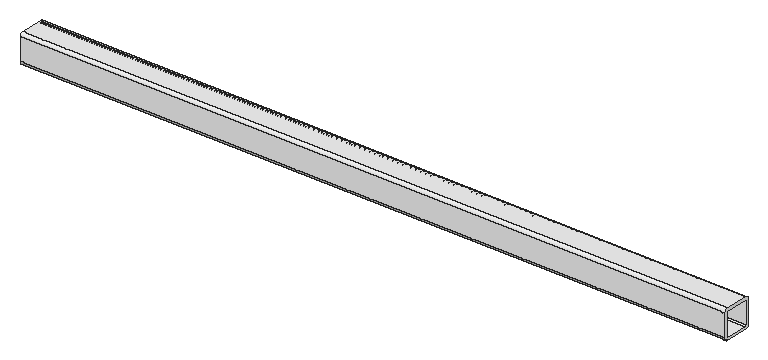
Revit family "CQV - Cortes quadrados vazados", category Quadro estrutural, Revit 2019
Family settings
  Arredondamento do comprimento do framing estrutural = 1 mm
  Forma do corte = Não definido
  Material para o comportamento do modelo = Aço
  Exportar sempre como geometria = Não
  Sempre na vertical = Sim
  Corte com vazios quando carregada = Não
  Representação simbólica = Das configurações de projeto
  Compartilhado = Não
  Exibir o pré-corte da família na vista da planta = Sim
Parameters (values of type "SHS 50x50x4")
  ro = 6 mm
  t = 4 mm
  ri = 2 mm
  W = 0.0054
  Structural Material [instance] = Metal - Aço - 250 MPa
  d = 50 mm
  b = 50 mm
  Assembly Code = ""
  Length [instance] = 1500 mm
  A = 0.000688 m²
Reference planes
  plane 1 "Centro (Frente/Trás)": y = 0
  plane 2: z = 0
  plane 3 "Centro (Esquerda/Direita)": x = 4.61
  plane 4 "Membro esquerdo": x = -604.99
  plane 5 "Membro direito": x = 614.21
  plane 6 "Direita": x = 766.61
  plane 7 "Esquerda": x = -733.39
  plane 8: y = 25
  plane 9: y = -25
  plane 10: z = -25
  plane 11: z = 25
Forms (mm)
  Sweep 1, solid, material "Metal - Aço - 250 MPa" <- "Structural Material", detail levels medium
    path origin (0, 0, 0) x (1, 0, 0) y (0, 1, 0)
      loop
        line (-604.99, 0) -> (614.21, 0)
    profile "CQV - Cortes quadrados vazados - Perfil - Médio : CQV - Cortes quadrados vazados - Perfil - Médio" origin (4.61, 0, 0) x (0, 1, 0) y (0, 0, 1)
      loop
        line (-21, 21) -> (-21, -21) -> (21, -21) -> (21, 21) -> (-21, 21)
      loop
        line (-25, 25) -> (-25, -25) -> (25, -25) -> (25, 25) -> (-25, 25)
  Sweep 2, solid, material "Metal - Aço - 250 MPa" <- "Structural Material", detail levels fine
    path origin (0, 0, 0) x (1, 0, 0) y (0, 1, 0)
      loop
        line (-604.99, 0) -> (614.21, 0)
    profile "CQV - Cortes quadrados vazados - Perfil - Alto : CQV - Cortes quadrados vazados - Perfil - Alto" origin (4.61, 0, 0) x (0, 1, 0) y (0, 0, 1)
      loop
        arc (-19, 21) -> (-20.414, 20.414) -> (-21, 19) r 2
        line (-21, 19) -> (-21, -19)
        arc (-21, -19) -> (-20.414, -20.414) -> (-19, -21) r 2
        line (-19, -21) -> (19, -21)
        arc (19, -21) -> (20.414, -20.414) -> (21, -19) r 2
        line (21, -19) -> (21, 19)
        arc (21, 19) -> (20.414, 20.414) -> (19, 21) r 2
        line (19, 21) -> (-19, 21)
      loop
        arc (-19, 25) -> (-23.243, 23.243) -> (-25, 19) r 6
        line (-25, 19) -> (-25, -19)
        arc (-25, -19) -> (-23.243, -23.243) -> (-19, -25) r 6
        line (-19, -25) -> (19, -25)
        arc (19, -25) -> (23.243, -23.243) -> (25, -19) r 6
        line (25, -19) -> (25, 19)
        arc (25, 19) -> (23.243, 23.243) -> (19, 25) r 6
        line (19, 25) -> (-19, 25)
Lines and regions (mm)
  symbolic lines, style "Símbolos de vara", detail levels coarse
    curve 1: line (-733.39, -25, 25) -> (-733.39, 25, 25)
    curve 2: line (-733.39, 25, 25) -> (-733.39, 25, -25)
    curve 3: line (-733.39, -25, -25) -> (-733.39, -25, 25)
    curve 4: line (-733.39, 25, -25) -> (-733.39, -25, -25)
  symbolic lines, style "Faces ocultas", detail levels medium+fine
    curve 5: line (-604.99, 21, 0) -> (614.21, 21, 0)
    curve 6: line (-604.99, -21, 0) -> (614.21, -21, 0)
    curve 7: line (-604.99, 0, 21) -> (614.21, 0, 21)
    curve 8: line (614.21, 0, -21) -> (-604.99, 0, -21)
Dimensions and locks
  "Length": plane 7 "Esquerda" to plane 6 "Direita"
  equal spacing: plane 8, plane 1 "Centro (Frente/Trás)", plane 9
  "b": plane 8 to plane 9
  equal spacing: plane 11, plane 2, plane 10
  "d": plane 10 to plane 11
  aligned and locked: plane 1 "Centro (Frente/Trás)" to Sweep 1 sketch curve
  aligned and locked: plane 1 "Centro (Frente/Trás)" to Sweep 2 sketch curve
  aligned and locked: curve 1 to Sweep 1
  aligned and locked: curve 2 to Sweep 1
  aligned and locked: curve 3 to Sweep 1
  aligned and locked: curve 4 to Sweep 1
  aligned and locked: curve 5 to Sweep 1
  aligned and locked: curve 6 to Sweep 1
  aligned and locked: curve 7 to Sweep 1
  aligned and locked: curve 8 to Sweep 1
  aligned and locked: plane 4 "Membro esquerdo" to Sweep 1 sketch curve
  aligned and locked: plane 5 "Membro direito" to Sweep 1 sketch curve
  aligned and locked: plane 4 "Membro esquerdo" to Sweep 2 sketch curve
  aligned and locked: plane 5 "Membro direito" to Sweep 2 sketch curve
  aligned and locked: plane 4 "Membro esquerdo" to curve 5
  aligned and locked: plane 5 "Membro direito" to curve 5
  aligned and locked: plane 4 "Membro esquerdo" to curve 6
  aligned and locked: plane 5 "Membro direito" to curve 6
  aligned and locked: plane 4 "Membro esquerdo" to curve 7
  aligned and locked: plane 5 "Membro direito" to curve 7
  aligned and locked: plane 4 "Membro esquerdo" to curve 8
  aligned and locked: plane 5 "Membro direito" to curve 8
Types in the file's own list only (105): name | ro | t | ri | W | d | b | A
  SHS 50x50x4.8 | 7 mm | 5 mm | 2 mm | 0.0065 | 50 mm | 50 mm | 0.00 m²
  SHS 50x50x5.5 | 8 mm | 6 mm | 3 mm | 0.0075 | 50 mm | 50 mm | 0.00 m²
  SHS 50x50x6.4 | 10 mm | 6 mm | 3 mm | 0.0084 | 50 mm | 50 mm | 0.00 m²
  SHS 60x60x4.8 | 7 mm | 5 mm | 2 mm | 0.008 | 60 mm | 60 mm | 0.00 m²
  SHS 60x60x5.5 | 8 mm | 6 mm | 3 mm | 0.0091 | 60 mm | 60 mm | 0.00 m²
  SHS 60x60x6.4 | 10 mm | 6 mm | 3 mm | 0.0104 | 60 mm | 60 mm | 0.00 m²
  SHS 60x60x7.1 | 11 mm | 7 mm | 4 mm | 0.0114 | 60 mm | 60 mm | 0.00 m²
  SHS 75x75x4.8 | 7 mm | 5 mm | 2 mm | 0.0099 | 75 mm | 75 mm | 0.00 m²
  SHS 75x75x5.5 | 8 mm | 6 mm | 3 mm | 0.0113 | 75 mm | 75 mm | 0.00 m²
  SHS 75x75x6.4 | 10 mm | 6 mm | 3 mm | 0.0129 | 75 mm | 75 mm | 0.00 m²
  SHS 75x75x7.9 | 12 mm | 8 mm | 4 mm | 0.0152 | 75 mm | 75 mm | 0.00 m²
  SHS 85x85x4.8 | 7 mm | 5 mm | 2 mm | 0.0114 | 85 mm | 85 mm | 0.00 m²
  SHS 85x85x5.5 | 8 mm | 6 mm | 3 mm | 0.0136 | 85 mm | 85 mm | 0.00 m²
  SHS 85x85x6.4 | 10 mm | 6 mm | 3 mm | 0.0149 | 85 mm | 85 mm | 0.00 m²
  SHS 85x85x7.1 | 11 mm | 7 mm | 4 mm | 0.0166 | 85 mm | 85 mm | 0.00 m²
  SHS 85x85x8.4 | 13 mm | 8 mm | 4 mm | 0.0186 | 85 mm | 85 mm | 0.00 m²
  SHS 100x100x4.8 | 7 mm | 5 mm | 2 mm | 0.0129 | 100 mm | 100 mm | 0.00 m²
  SHS 100x100x5.5 | 8 mm | 6 mm | 3 mm | 0.0149 | 100 mm | 100 mm | 0.00 m²
  SHS 100x100x6.4 | 10 mm | 6 mm | 3 mm | 0.0169 | 100 mm | 100 mm | 0.00 m²
  SHS 100x100x7.1 | 11 mm | 7 mm | 4 mm | 0.0189 | 100 mm | 100 mm | 0.00 m²
  SHS 100x100x8.4 | 13 mm | 8 mm | 4 mm | 0.0223 | 100 mm | 100 mm | 0.00 m²
  SHS 110x110x4.8 | 7 mm | 5 mm | 2 mm | 0.0144 | 110 mm | 110 mm | 0.00 m²
  SHS 110x110x5.5 | 8 mm | 6 mm | 3 mm | 0.0167 | 110 mm | 110 mm | 0.00 m²
  SHS 110x110x6.4 | 10 mm | 6 mm | 3 mm | 0.0189 | 110 mm | 110 mm | 0.00 m²
  SHS 110x110x7.1 | 11 mm | 7 mm | 4 mm | 0.0211 | 110 mm | 110 mm | 0.00 m²
  SHS 110x110x8.4 | 13 mm | 8 mm | 4 mm | 0.025 | 110 mm | 110 mm | 0.00 m²
  SHS 120x120x4.8 | 7 mm | 5 mm | 2 mm | 0.0161 | 120 mm | 120 mm | 0.00 m²
  SHS 120x120x5.5 | 8 mm | 6 mm | 3 mm | 0.0186 | 120 mm | 120 mm | 0.00 m²
  SHS 120x120x6.4 | 10 mm | 6 mm | 3 mm | 0.0218 | 120 mm | 120 mm | 0.00 m²
  SHS 120x120x7.9 | 12 mm | 8 mm | 4 mm | 0.0261 | 120 mm | 120 mm | 0.00 m²
  SHS 120x120x9.5 | 14 mm | 10 mm | 5 mm | 0.031 | 120 mm | 120 mm | 0.00 m²
  SHS 130x130x4.8 | 7 mm | 5 mm | 2 mm | 0.0178 | 130 mm | 130 mm | 0.00 m²
  SHS 130x130x5.5 | 8 mm | 6 mm | 3 mm | 0.0206 | 130 mm | 130 mm | 0.00 m²
  SHS 130x130x6.4 | 10 mm | 6 mm | 3 mm | 0.0241 | 130 mm | 130 mm | 0.00 m²
  SHS 130x130x7.9 | 12 mm | 8 mm | 4 mm | 0.0289 | 130 mm | 130 mm | 0.00 m²
  SHS 130x130x9.5 | 14 mm | 10 mm | 5 mm | 0.0344 | 130 mm | 130 mm | 0.00 m²
  SHS 140x140x4.8 | 7 mm | 5 mm | 2 mm | 0.0194 | 140 mm | 140 mm | 0.00 m²
  SHS 140x140x6.4 | 10 mm | 6 mm | 3 mm | 0.0254 | 140 mm | 140 mm | 0.00 m²
  SHS 140x140x7.1 | 11 mm | 7 mm | 4 mm | 0.0283 | 140 mm | 140 mm | 0.00 m²
  SHS 140x140x9.5 | 14 mm | 10 mm | 5 mm | 0.0373 | 140 mm | 140 mm | 0.00 m²
  SHS 140x140x11.1 | 17 mm | 11 mm | 6 mm | 0.0426 | 140 mm | 140 mm | 0.01 m²
  SHS 150x150x4.8 | 7 mm | 5 mm | 2 mm | 0.0205 | 150 mm | 150 mm | 0.00 m²
  SHS 150x150x6.4 | 10 mm | 6 mm | 3 mm | 0.0268 | 150 mm | 150 mm | 0.00 m²
  SHS 150x150x7.1 | 11 mm | 7 mm | 4 mm | 0.0299 | 150 mm | 150 mm | 0.00 m²
  SHS 150x150x9.5 | 14 mm | 10 mm | 5 mm | 0.0395 | 150 mm | 150 mm | 0.01 m²
  SHS 150x150x11.1 | 17 mm | 11 mm | 6 mm | 0.0451 | 150 mm | 150 mm | 0.01 m²
  SHS 160x160x6.4 | 10 mm | 6 mm | 3 mm | 0.0296 | 160 mm | 160 mm | 0.00 m²
  SHS 160x160x7.1 | 11 mm | 7 mm | 4 mm | 0.0326 | 160 mm | 160 mm | 0.00 m²
  SHS 160x160x8.4 | 13 mm | 8 mm | 4 mm | 0.0375 | 160 mm | 160 mm | 0.00 m²
  SHS 160x160x9.5 | 14 mm | 10 mm | 5 mm | 0.0435 | 160 mm | 160 mm | 0.01 m²
  SHS 160x160x12.7 | 19 mm | 13 mm | 6 mm | 0.0567 | 160 mm | 160 mm | 0.01 m²
  SHS 180x180x6.4 | 10 mm | 6 mm | 3 mm | 0.0336 | 180 mm | 180 mm | 0.00 m²
  SHS 180x180x7.1 | 11 mm | 7 mm | 4 mm | 0.0371 | 180 mm | 180 mm | 0.00 m²
  SHS 180x180x8.4 | 13 mm | 8 mm | 4 mm | 0.0426 | 180 mm | 180 mm | 0.01 m²
  SHS 180x180x9.5 | 14 mm | 10 mm | 5 mm | 0.0495 | 180 mm | 180 mm | 0.01 m²
  SHS 180x180x12.7 | 19 mm | 13 mm | 6 mm | 0.0646 | 180 mm | 180 mm | 0.01 m²
  SHS 200x200x6.4 | 10 mm | 6 mm | 3 mm | 0.0376 | 200 mm | 200 mm | 0.00 m²
  SHS 200x200x7.1 | 11 mm | 7 mm | 4 mm | 0.0415 | 200 mm | 200 mm | 0.01 m²
  SHS 200x200x8.4 | 13 mm | 8 mm | 4 mm | 0.0478 | 200 mm | 200 mm | 0.01 m²
  SHS 200x200x9.5 | 14 mm | 10 mm | 5 mm | 0.0554 | 200 mm | 200 mm | 0.01 m²
  SHS 200x200x12.7 | 19 mm | 13 mm | 6 mm | 0.0726 | 200 mm | 200 mm | 0.01 m²
  SHS 225x225x6.4 | 10 mm | 6 mm | 3 mm | 0.0421 | 225 mm | 225 mm | 0.01 m²
  SHS 225x225x7.9 | 12 mm | 8 mm | 4 mm | 0.051 | 225 mm | 225 mm | 0.01 m²
  SHS 225x225x8.4 | 13 mm | 8 mm | 4 mm | 0.0567 | 225 mm | 225 mm | 0.01 m²
  SHS 225x225x9.5 | 14 mm | 10 mm | 5 mm | 0.0605 | 225 mm | 225 mm | 0.01 m²
  SHS 225x225x12.7 | 19 mm | 13 mm | 6 mm | 0.0815 | 225 mm | 225 mm | 0.01 m²
  SHS 245x245x6.4 | 10 mm | 6 mm | 3 mm | 0.0461 | 245 mm | 245 mm | 0.01 m²
  SHS 245x245x7.9 | 12 mm | 8 mm | 4 mm | 0.0559 | 245 mm | 245 mm | 0.01 m²
  SHS 245x245x8.4 | 13 mm | 8 mm | 4 mm | 0.0622 | 245 mm | 245 mm | 0.01 m²
  SHS 245x245x9.5 | 14 mm | 10 mm | 5 mm | 0.0663 | 245 mm | 245 mm | 0.01 m²
  SHS 245x245x12.7 | 19 mm | 13 mm | 6 mm | 0.0895 | 245 mm | 245 mm | 0.01 m²
  SHS 265x265x7.1 | 11 mm | 7 mm | 4 mm | 0.0555 | 265 mm | 265 mm | 0.01 m²
  SHS 265x265x8.4 | 13 mm | 8 mm | 4 mm | 0.0676 | 265 mm | 265 mm | 0.01 m²
  SHS 265x265x9.5 | 14 mm | 10 mm | 5 mm | 0.0736 | 265 mm | 265 mm | 0.01 m²
  SHS 265x265x10.3 | 15 mm | 10 mm | 5 mm | 0.0796 | 265 mm | 265 mm | 0.01 m²
  SHS 265x265x12.7 | 19 mm | 13 mm | 6 mm | 0.0974 | 265 mm | 265 mm | 0.01 m²
  SHS 290x290x8.4 | 13 mm | 8 mm | 4 mm | 0.0744 | 290 mm | 290 mm | 0.01 m²
  SHS 290x290x9.5 | 14 mm | 10 mm | 5 mm | 0.0811 | 290 mm | 290 mm | 0.01 m²
  SHS 290x290x10.3 | 15 mm | 10 mm | 5 mm | 0.0877 | 290 mm | 290 mm | 0.01 m²
  SHS 290x290x11.1 | 17 mm | 11 mm | 6 mm | 0.0943 | 290 mm | 290 mm | 0.01 m²
  SHS 290x290x12.7 | 19 mm | 13 mm | 6 mm | 0.107 | 290 mm | 290 mm | 0.01 m²
  SHS 310x310x6.4 | 10 mm | 6 mm | 3 mm | 0.0571 | 310 mm | 310 mm | 0.01 m²
  SHS 310x310x8.4 | 13 mm | 8 mm | 4 mm | 0.0777 | 310 mm | 310 mm | 0.01 m²
  SHS 310x310x9.5 | 14 mm | 10 mm | 5 mm | 0.0847 | 310 mm | 310 mm | 0.01 m²
  SHS 310x310x10.3 | 15 mm | 10 mm | 5 mm | 0.0916 | 310 mm | 310 mm | 0.01 m²
  SHS 310x310x11.1 | 17 mm | 11 mm | 6 mm | 0.0985 | 310 mm | 310 mm | 0.01 m²
  SHS 310x310x12.7 | 19 mm | 13 mm | 6 mm | 0.112 | 310 mm | 310 mm | 0.01 m²
  SHS 330x330x6.4 | 10 mm | 6 mm | 3 mm | 0.0626 | 330 mm | 330 mm | 0.01 m²
  SHS 330x330x8.4 | 13 mm | 8 mm | 4 mm | 0.0853 | 330 mm | 330 mm | 0.01 m²
  SHS 330x330x9.5 | 14 mm | 10 mm | 5 mm | 0.093 | 330 mm | 330 mm | 0.01 m²
  SHS 330x330x10.3 | 15 mm | 10 mm | 5 mm | 0.101 | 330 mm | 330 mm | 0.01 m²
  SHS 330x330x11.1 | 17 mm | 11 mm | 6 mm | 0.108 | 330 mm | 330 mm | 0.01 m²
  SHS 330x330x12.7 | 19 mm | 13 mm | 6 mm | 0.123 | 330 mm | 330 mm | 0.02 m²
  SHS 370x370x6.4 | 10 mm | 6 mm | 3 mm | 0.0706 | 370 mm | 370 mm | 0.01 m²
  SHS 370x370x8.4 | 13 mm | 8 mm | 4 mm | 0.0962 | 370 mm | 370 mm | 0.01 m²
  SHS 370x370x9.5 | 14 mm | 10 mm | 5 mm | 0.105 | 370 mm | 370 mm | 0.01 m²
  SHS 370x370x10.3 | 15 mm | 10 mm | 5 mm | 0.114 | 370 mm | 370 mm | 0.01 m²
  SHS 370x370x11.1 | 17 mm | 11 mm | 6 mm | 0.122 | 370 mm | 370 mm | 0.02 m²
  SHS 370x370x12.7 | 19 mm | 13 mm | 6 mm | 0.139 | 370 mm | 370 mm | 0.02 m²
  SHS 410x410x6.4 | 10 mm | 6 mm | 3 mm | 0.0786 | 410 mm | 410 mm | 0.01 m²
  SHS 410x410x8.4 | 13 mm | 8 mm | 4 mm | 0.107 | 410 mm | 410 mm | 0.01 m²
  SHS 410x410x9.5 | 14 mm | 10 mm | 5 mm | 0.117 | 410 mm | 410 mm | 0.01 m²
  SHS 410x410x10.3 | 15 mm | 10 mm | 5 mm | 0.126 | 410 mm | 410 mm | 0.02 m²
  SHS 410x410x11.1 | 17 mm | 11 mm | 6 mm | 0.136 | 410 mm | 410 mm | 0.02 m²
  SHS 410x410x12.7 | 19 mm | 13 mm | 6 mm | 0.155 | 410 mm | 410 mm | 0.02 m²
